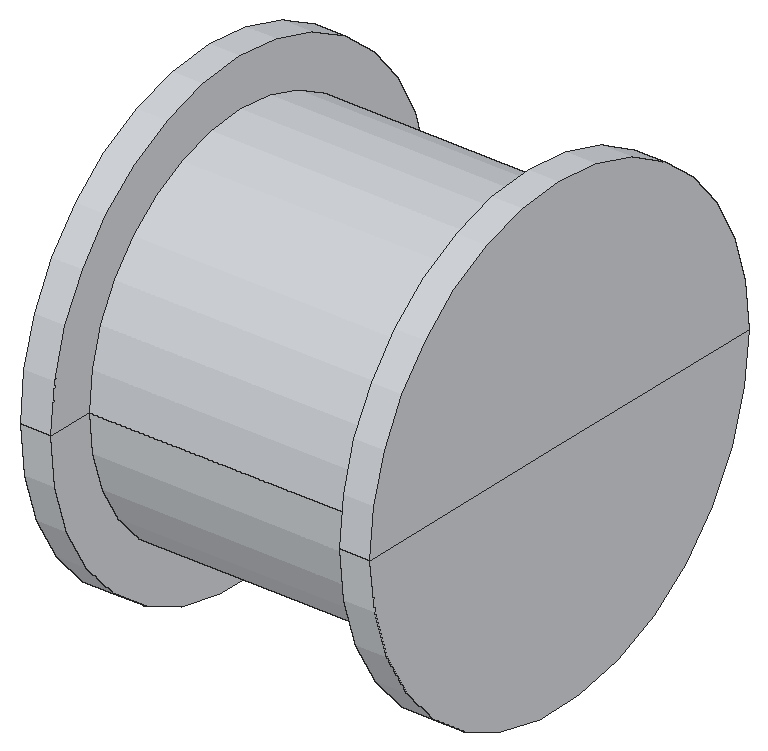
Revit family "66212f87a7f541bfab45d82dcb99c665", category Pipe Fittings, Revit 2021
Family settings
  Round Connector Dimension = Use Radius
  Part Type = Union
  OmniClass Number = 23.60.30.11.14
  OmniClass Title = Pipework Fittings
  Seek Item ID = Coupling - Generic-0000-USA-ENU
  Work Plane-Based = No
  Always vertical = Yes
  Cut with Voids When Loaded = No
  Shared = No
Parameters (values of type "Standard")
  Tick Size [instance] = Socket Outside Diameter * 0.4  # 6.4760"
  Socket Outside Radius [instance] = Socket Outside Diameter / 2  # 8.0950"
  Socket Outside Diameter [instance] = size_lookup(Lookup Table Name, "SOD", 1.08 * Nominal Diameter + 1.1200", Nominal Diameter)  # 16.1900"
  Nominal Radius [instance] = 7.0000"
  Nominal Diameter [instance] = Nominal Radius * 2  # 14.0000"
  Loss Method = K Coefficient from Table
  Lookup Table Name = "Sleeve Long Solid - MJ - GI - Class 150"
  Length Not Found [instance] = if(Nominal Diameter < 14.0000", 12.0000", if(Nominal Diameter < 30.0000", 15.0000", 24.0000"))  # 15.0000"
  Length [instance] = size_lookup(Lookup Table Name, "Lgt", Length Not Found, Nominal Diameter)  # 15.0000"
  K Coefficient Table = "Reducer/Coupling/Union/Increaser"
  Gland Width [instance] = size_lookup(Lookup Table Name, "GWid", 0.03 * Nominal Diameter + 0.9400", Nominal Diameter)  # 1.3100"
  Gland Outside Radius [instance] = Gland Outside Diameter / 2  # 10.1250"
  Gland Outside Diameter [instance] = size_lookup(Lookup Table Name, "GOD", 1.16 * Nominal Diameter + 4.0300", Nominal Diameter)  # 20.2500"
  Default Elevation = 0.0000"
Reference planes (in)
  plane 1 "Center (Front/Back)": y = 0
  plane 2: z = 0
  plane 3 "Center (Left/Right)": x = 0
  plane 4: x = -7.5
  plane 5: x = 7.5
  plane 6: y = 6.476
  plane 7: y = -6.476
  plane 8: y = 8.095
  plane 9: y = 10.125
  plane 10: x = -6.19
  plane 11: x = 6.19
Forms (in)
  Revolve 1, solid, detail levels fine
    sketch origin (0, 0, 0) x (1, 0, 0) y (0, 1, 0)
      loop
        line (-7.5, 0) -> (7.5, 0) -> (7.5, 10.125) -> (6.19, 10.125) -> (6.19, 8.095) -> (-6.19, 8.095) -> (-6.19, 10.125) -> (-7.5, 10.125) -> (-7.5, 0)
      axis (-7.5, 0) -> (7.5, 0)
    angle from 0 to 360
Lines and regions (in)
  model lines, detail levels coarse+medium
    curve 1: line (-7.5, 0, 0) -> (7.5, 0, 0)
    curve 2: line (-7.5, 6.476, 0) -> (-7.5, -6.476, 0)
    curve 3: line (7.5, 6.476, 0) -> (7.5, -6.476, 0)
Dimensions and locks (in)
  equal spacing: plane 4, plane 3 "Center (Left/Right)", plane 5
  "Length": plane 4 to plane 5
  "Tick Size": plane 6 to plane 1 "Center (Front/Back)"
  "Tick Size": plane 7 to plane 1 "Center (Front/Back)"
  "Socket Outside Radius": plane 8 to plane 1 "Center (Front/Back)"
  "Gland Outside Radius": plane 9 to plane 1 "Center (Front/Back)"
  "Gland Width": plane 4 to plane 10
  "Gland Width": plane 11 to plane 5
  aligned and locked: plane 6 to curve 2
  aligned and locked: plane 7 to curve 2
  aligned and locked: curve 2 to plane 4
  aligned and locked: plane 6 to curve 3
  aligned and locked: plane 7 to curve 3
  aligned and locked: plane 5 to curve 3
  aligned and locked: plane 4 to curve 1
  aligned and locked: plane 5 to curve 1
  aligned and locked: plane 1 "Center (Front/Back)" to curve 1
  aligned and locked: plane 1 "Center (Front/Back)" to Revolve 1 sketch curve
  aligned and locked: plane 5 to Revolve 1 sketch curve
  aligned and locked: plane 11 to Revolve 1 sketch curve
  aligned and locked: Revolve 1 sketch curve to plane 9  (x2)
  aligned and locked: Revolve 1 sketch curve to plane 8
  aligned and locked: Revolve 1 sketch curve to plane 10
  aligned and locked: plane 4 to Revolve 1 sketch curve
  aligned and locked: Revolve 1 sketch curve to Revolve 1 sketch curve
Automatic sketch dimensions
  Revolve 1 sketch curve to plane 4 = 4.7500"
  Revolve 1 sketch curve to Revolve 1 sketch curve = 6.7500"
Connectors (in)
  piping at (-7.5, 0, 0), diameter 14, driven by "Nominal Radius"
    settings: on Revolve 1, index 1, connector inside diameter 14.0000", connector length 0.0000", flow factor 0, pipe flow 0 GPM, pressure drop 0.00 psi, fitting loss kfactor 0, connector angle 0.00°, fixture units 0, engagement length 0.0000", angle of deflection 0.00°, flow configuration 0, flow direction 0, fitting loss method 0, system type 28, joint type 0, gender type 0, connector reference index 2, connector utility 0, adjustable connector no, is connector primary yes, connector description ""
  piping at (7.5, 0, 0), diameter 14, driven by "Nominal Radius"
    settings: on Revolve 1, index 2, connector inside diameter 14.0000", connector length 0.0000", flow factor 0, pipe flow 0 GPM, pressure drop 0.00 psi, fitting loss kfactor 0, connector angle 0.00°, fixture units 0, engagement length 0.0000", angle of deflection 0.00°, flow configuration 0, flow direction 0, fitting loss method 0, system type 28, joint type 0, gender type 0, connector reference index 1, connector utility 0, adjustable connector no, is connector primary no, connector description ""
